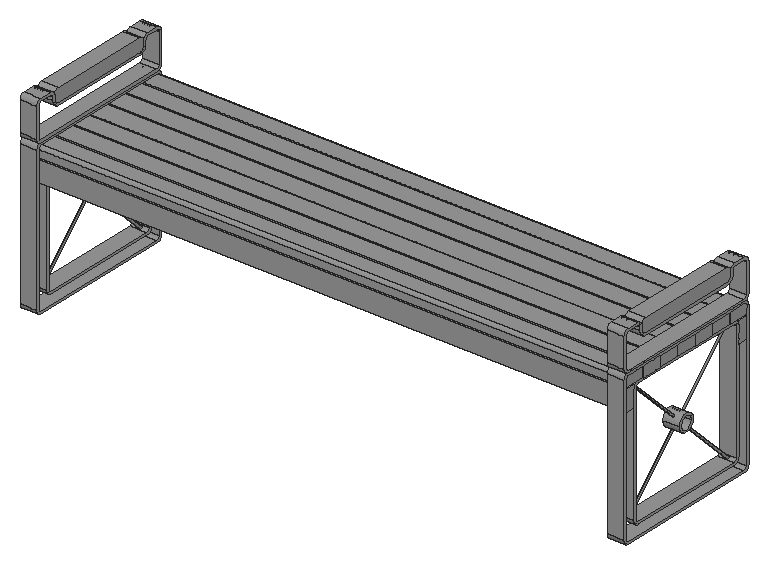
Revit family "Банкетка стальная «София» с подлокотниками Арт 14117", category Антураж, Revit 2018
Family settings
  На основе рабочей плоскости = Нет
  Всегда вертикально = Да
  При загрузке вырезать с полостями = Нет
  Источник визуального образа = Геометрия семейства
  Общий = Нет
  Точка расчета площади = Нет
Parameters (values of type "Версия 1,8 м")
  Ширина = 462 mm  # constant formula
  Цвет лавки = Дерево
  Цвет опор = Сталь
  Средняя опора = [Версия 2,0 м]  # no
  Описание = if([Версия 1,5 м], "Банкетка стальная «София» с подлокотниками. Версия 1,5 м", if([Версия 1,8 м], "Банкетка стальная «София» с подлокотниками. Версия 1,8 м", "Банкетка стальная «София» с подлокотниками. Версия 2,0 м (три опоры)"))  # "Банкетка стальная «София» с подлокотниками. Версия 1,8 м"
  Материал изделия = "Сталь, дерево"  # constant formula
  Изображение типоразмера = Банкетка стальная «София» с подлокотниками Арт 14117 две опоры.jpg
  Изготовитель = "ООО «Хоббика»"  # constant formula
  Длина = if([Версия 1,5 м], 1500 mm, if([Версия 1,8 м], 1800 mm, 2000 mm))  # 1800 mm
  Группа модели = "Садовые скамейки"  # constant formula
  Высота = 575 mm  # constant formula
  Версия 2,0 м = not(or([Версия 1,5 м], [Версия 1,8 м]))  # no
  Версия 1,8 м = yes
  Версия 1,5 м = no
  Артикул товара = "Арт. 14117"  # constant formula
  URL = "https://hobbyka.ru/product/banketka_stalnaya_sofiya/"
Types (4, lengths in mm): name | Средняя опора | Описание | Изображение типоразмера | Длина | Версия 2,0 м | Версия 1,8 м | Версия 1,5 м | URL
  (no name) | no | "Банкетка стальная «София» с подлокотниками. Версия 1,8 м" | Банкетка стальная «София» с подлокотниками Арт 14117 две опоры.jpg | 1800 | no | yes | no | "https://hobbyka.ru/product/banketka_stalnaya_sofiya/"
  Версия 2,0 м | yes | "Банкетка стальная «София» с подлокотниками. Версия 2,0 м (три опоры)" | Банкетка стальная «София» с подлокотниками Арт 14117 три опоры.jpg | 2000 | yes | no | no | "https://hobbyka.ru/product/banketka_stalnaya_sofiya/"
  Версия 1,8 м | no | "Банкетка стальная «София» с подлокотниками. Версия 1,8 м" | Банкетка стальная «София» с подлокотниками Арт 14117 две опоры.jpg | 1800 | no | yes | no | "https://hobbyka.ru/product/banketka_stalnaya_sofiya/"
  Версия 1,5 м | no | "Банкетка стальная «София» с подлокотниками. Версия 1,5 м" | Банкетка стальная «София» с подлокотниками Арт 14117 две опоры.jpg | 1500 | no | no | yes | "https://hobbyka.ru/product/banketka_stalnaya_sofiya_s_podlokotnikami/"
Reference planes
  plane 1 "По центру (Вперед/Назад)": y = 0
  plane 2: z = 0
  plane 3 "По центру (Влево/Вправо)": x = 0
  plane 4: x = 1800
  plane 5: x = 1750
  plane 6: x = 50
  plane 7: y = 462
  plane 8: x = 25
  plane 9: x = 1775
  plane 10: z = 575
  plane 11: x = 900
  plane 12: x = 875
  plane 13: x = 925
Forms (mm)
  Extrusion 1, solid, material "Сталь" <- "Цвет опор"
    sketch origin (0, 0, 0) x (0, 1, 0) y (0, 0, 1)
      loop
        line (447, 457) -> (15, 457)
        arc (15, 457) -> (4.393, 452.607) -> (0, 442) r 15
        line (0, 442) -> (0, 15)
        arc (0, 15) -> (4.393, 4.393) -> (15, 0) r 15
        line (15, 0) -> (447, 0)
        arc (447, 0) -> (457.607, 4.393) -> (462, 15) r 15
        line (462, 15) -> (462, 442)
        arc (462, 442) -> (457.607, 452.607) -> (447, 457) r 15
      loop
        line (447, 451) -> (15, 451)
        arc (15, 451) -> (8.636, 448.364) -> (6, 442) r 9
        line (6, 442) -> (6, 15)
        arc (6, 15) -> (8.636, 8.636) -> (15, 6) r 9
        line (15, 6) -> (447, 6)
        arc (447, 6) -> (453.364, 8.636) -> (456, 15) r 9
        line (456, 15) -> (456, 442)
        arc (456, 442) -> (453.364, 448.364) -> (447, 451) r 9
      loop
        line (410, 420) -> (52, 420)
        arc (52, 420) -> (41.393, 415.607) -> (37, 405) r 15
        line (37, 405) -> (37, 52)
        arc (37, 52) -> (41.393, 41.393) -> (52, 37) r 15
        line (52, 37) -> (410, 37)
        arc (410, 37) -> (420.607, 41.393) -> (425, 52) r 15
        line (425, 52) -> (425, 405)
        arc (425, 405) -> (420.607, 415.607) -> (410, 420) r 15
      loop
        line (410, 414) -> (52, 414)
        arc (52, 414) -> (45.636, 411.364) -> (43, 405) r 9
        line (43, 405) -> (43, 52)
        arc (43, 52) -> (45.636, 45.636) -> (52, 43) r 9
        line (52, 43) -> (410, 43)
        arc (410, 43) -> (416.364, 45.636) -> (419, 52) r 9
        line (419, 52) -> (419, 405)
        arc (419, 405) -> (416.364, 411.364) -> (410, 414) r 9
      loop
        circle (231, 228.326) r 25
      loop
        circle (231, 228.326) r 20
    from 0 to 50
  Extrusion 2, solid, material "Сталь" <- "Цвет опор"
    sketch origin (0, 0, 0) x (0, 1, 0) y (0, 0, 1)
      loop
        line (447, 457) -> (15, 457)
        arc (15, 457) -> (4.393, 452.607) -> (0, 442) r 15
        line (0, 442) -> (0, 15)
        arc (0, 15) -> (4.393, 4.393) -> (15, 0) r 15
        line (15, 0) -> (447, 0)
        arc (447, 0) -> (457.607, 4.393) -> (462, 15) r 15
        line (462, 15) -> (462, 442)
        arc (462, 442) -> (457.607, 452.607) -> (447, 457) r 15
      loop
        line (447, 451) -> (15, 451)
        arc (15, 451) -> (8.636, 448.364) -> (6, 442) r 9
        line (6, 442) -> (6, 15)
        arc (6, 15) -> (8.636, 8.636) -> (15, 6) r 9
        line (15, 6) -> (447, 6)
        arc (447, 6) -> (453.364, 8.636) -> (456, 15) r 9
        line (456, 15) -> (456, 442)
        arc (456, 442) -> (453.364, 448.364) -> (447, 451) r 9
      loop
        line (410, 420) -> (52, 420)
        arc (52, 420) -> (41.393, 415.607) -> (37, 405) r 15
        line (37, 405) -> (37, 52)
        arc (37, 52) -> (41.393, 41.393) -> (52, 37) r 15
        line (52, 37) -> (410, 37)
        arc (410, 37) -> (420.607, 41.393) -> (425, 52) r 15
        line (425, 52) -> (425, 405)
        arc (425, 405) -> (420.607, 415.607) -> (410, 420) r 15
      loop
        line (410, 414) -> (52, 414)
        arc (52, 414) -> (45.636, 411.364) -> (43, 405) r 9
        line (43, 405) -> (43, 52)
        arc (43, 52) -> (45.636, 45.636) -> (52, 43) r 9
        line (52, 43) -> (410, 43)
        arc (410, 43) -> (416.364, 45.636) -> (419, 52) r 9
        line (419, 52) -> (419, 405)
        arc (419, 405) -> (416.364, 411.364) -> (410, 414) r 9
      loop
        circle (231, 228.326) r 25
      loop
        circle (231, 228.326) r 20
    from 1750 to 1800
  Sweep 3, solid, material "Сталь" <- "Цвет опор"
    path origin (0, 0, 0) x (0, 1, 0) y (0, 0, 1)
      loop
        line (45.892, 411.61) -> (213.427, 246.108)
    profile origin (0, 129.66, 328.859) x (0, 0.702774, 0.711413) y (1, 0, 0)
      loop
        circle (0, 25) r 2.5
  Sweep 4, solid, material "Сталь" <- "Цвет опор"
    path origin (0, 2.674, 459.326) x (0, 0, -1) y (0, 1, 0)
      loop
        line (47.962, 413.69) -> (213.355, 246.036)
    profile origin (0, 332.537, 328.668) x (0, 0.70229, -0.711891) y (1, 0, 0)
      loop
        circle (0, 25) r 2.5
  Sweep 5, solid, material "Сталь" <- "Цвет опор"
    path origin (0, 0, 456.652) x (0, 1, 0) y (0, 0, -1)
      loop
        line (45.892, 411.61) -> (213.427, 246.108)
    profile origin (0, 129.66, 127.793) x (0, -0.702774, 0.711413) y (1, 0, 0)
      loop
        circle (0, 25) r 2.5
  Sweep 6, solid, material "Сталь" <- "Цвет опор"
    path origin (0, 2.674, -2.674) x (0, 0, 1) y (0, -1, 0)
      loop
        line (47.962, -413.69) -> (213.355, -246.036)
    profile origin (0, 332.537, 127.985) x (0, -0.70229, -0.711891) y (1, 0, 0)
      loop
        circle (0, 25) r 2.5
  Sweep 7, solid, material "Сталь" <- "Цвет опор"
    path origin (1750, 974.988, 1200) x (0, 1, 0) y (0, 0, 1)
      loop
        line (-929.097, -788.39) -> (-761.561, -953.892)
    profile origin (1750, 129.66, 328.859) x (0, 0.702774, 0.711413) y (1, 0, 0)
      loop
        circle (0, 25) r 2.5
  Sweep 8, solid, material "Сталь" <- "Цвет опор"
    path origin (1750, 974.988, 1200) x (0, 1, 0) y (0, 0, 1)
      loop
        line (-558.625, -788.636) -> (-726.278, -954.029)
    profile origin (1750, 332.537, 328.668) x (0, 0.70229, -0.711891) y (1, 0, 0)
      loop
        circle (0, 25) r 2.5
  Sweep 9, solid, material "Сталь" <- "Цвет опор"
    path origin (1750, 974.988, 1200) x (0, 1, 0) y (0, 0, 1)
      loop
        line (-929.097, -1154.957) -> (-761.561, -989.456)
    profile origin (1750, 129.66, 127.793) x (0, -0.702774, 0.711413) y (1, 0, 0)
      loop
        circle (0, 25) r 2.5
  Sweep 10, solid, material "Сталь" <- "Цвет опор"
    path origin (1750, 974.988, 1200) x (0, 1, 0) y (0, 0, 1)
      loop
        line (-558.625, -1154.712) -> (-726.278, -989.319)
    profile origin (1750, 332.537, 127.985) x (0, -0.70229, -0.711891) y (1, 0, 0)
      loop
        circle (0, 25) r 2.5
  Extrusion 11, solid, material "Дерево" <- "Цвет лавки"
    sketch origin (0, 0, 0) x (0, 1, 0) y (0, 0, 1)
      loop
        line (396, 420) -> (456, 420) -> (456, 442)
        arc (456, 442) -> (453.364, 448.364) -> (447, 451) r 9
        line (447, 451) -> (396, 451) -> (396, 420)
      loop
        line (391, 451) -> (331, 451) -> (331, 420) -> (391, 420) -> (391, 451)
      loop
        line (326, 451) -> (266, 451) -> (266, 420) -> (326, 420) -> (326, 451)
      loop
        line (261, 451) -> (201, 451) -> (201, 420) -> (261, 420) -> (261, 451)
      loop
        line (196, 451) -> (136, 451) -> (136, 420) -> (196, 420) -> (196, 451)
      loop
        line (131, 451) -> (71, 451) -> (71, 420) -> (131, 420) -> (131, 451)
      loop
        line (66, 420) -> (66, 451) -> (15, 451)
        arc (15, 451) -> (8.636, 448.364) -> (6, 442) r 9
        line (6, 442) -> (6, 420) -> (66, 420)
      loop
        line (37, 415) -> (6, 415) -> (6, 355) -> (37, 355) -> (37, 415)
      loop
        line (456, 415) -> (425, 415) -> (425, 355) -> (456, 355) -> (456, 415)
    from 0 to 1800
  Extrusion 12, solid, material "Сталь" <- "Цвет опор"
    sketch origin (0, 0, 0) x (0, 1, 0) y (0, 0, 1)
      loop
        arc (15, 575) -> (4.393, 570.607) -> (0, 560) r 15
        line (0, 560) -> (0, 472)
        arc (0, 472) -> (4.393, 461.393) -> (15, 457) r 15
        line (15, 457) -> (447, 457)
        arc (447, 457) -> (457.607, 461.393) -> (462, 472) r 15
        line (462, 472) -> (462, 560)
        arc (462, 560) -> (457.607, 570.607) -> (447, 575) r 15
        line (447, 575) -> (412, 575)
        arc (412, 575) -> (401.393, 570.607) -> (397, 560) r 15
        line (397, 560) -> (397, 550)
        arc (397, 550) -> (392.607, 539.393) -> (382, 535) r 15
        line (382, 535) -> (80, 535)
        arc (80, 535) -> (69.393, 539.393) -> (65, 550) r 15
        line (65, 550) -> (65, 560)
        arc (65, 560) -> (60.607, 570.607) -> (50, 575) r 15
        line (50, 575) -> (15, 575)
      loop
        arc (412, 569) -> (405.636, 566.364) -> (403, 560) r 9
        line (403, 560) -> (403, 550)
        arc (403, 550) -> (396.849, 535.151) -> (382, 529) r 21
        line (382, 529) -> (80, 529)
        arc (80, 529) -> (65.151, 535.151) -> (59, 550) r 21
        line (59, 550) -> (59, 560)
        arc (59, 560) -> (56.364, 566.364) -> (50, 569) r 9
        line (50, 569) -> (15, 569)
        arc (15, 569) -> (8.636, 566.364) -> (6, 560) r 9
        line (6, 560) -> (6, 472)
        arc (6, 472) -> (8.636, 465.636) -> (15, 463) r 9
        line (15, 463) -> (447, 463)
        arc (447, 463) -> (453.364, 465.636) -> (456, 472) r 9
        line (456, 472) -> (456, 560)
        arc (456, 560) -> (453.364, 566.364) -> (447, 569) r 9
        line (447, 569) -> (412, 569)
    from 0 to 50
  Extrusion 13, solid, material "Дерево" <- "Цвет лавки"
    sketch origin (0, 0, 0) x (0, 1, 0) y (0, 0, 1)
      loop
        arc (80, 575) -> (69.393, 570.607) -> (65, 560) r 15
        line (65, 560) -> (65, 550)
        arc (65, 550) -> (69.393, 539.393) -> (80, 535) r 15
        line (80, 535) -> (382, 535)
        arc (382, 535) -> (392.607, 539.393) -> (397, 550) r 15
        line (397, 550) -> (397, 560)
        arc (397, 560) -> (392.607, 570.607) -> (382, 575) r 15
        line (382, 575) -> (80, 575)
    from 0 to 50
  Extrusion 14, solid, material "Сталь" <- "Цвет опор"
    sketch origin (0, 0, 0) x (0, 1, 0) y (0, 0, 1)
      loop
        arc (15, 575) -> (4.393, 570.607) -> (0, 560) r 15
        line (0, 560) -> (0, 472)
        arc (0, 472) -> (4.393, 461.393) -> (15, 457) r 15
        line (15, 457) -> (447, 457)
        arc (447, 457) -> (457.607, 461.393) -> (462, 472) r 15
        line (462, 472) -> (462, 560)
        arc (462, 560) -> (457.607, 570.607) -> (447, 575) r 15
        line (447, 575) -> (412, 575)
        arc (412, 575) -> (401.393, 570.607) -> (397, 560) r 15
        line (397, 560) -> (397, 550)
        arc (397, 550) -> (392.607, 539.393) -> (382, 535) r 15
        line (382, 535) -> (80, 535)
        arc (80, 535) -> (69.393, 539.393) -> (65, 550) r 15
        line (65, 550) -> (65, 560)
        arc (65, 560) -> (60.607, 570.607) -> (50, 575) r 15
        line (50, 575) -> (15, 575)
      loop
        arc (412, 569) -> (405.636, 566.364) -> (403, 560) r 9
        line (403, 560) -> (403, 550)
        arc (403, 550) -> (396.849, 535.151) -> (382, 529) r 21
        line (382, 529) -> (80, 529)
        arc (80, 529) -> (65.151, 535.151) -> (59, 550) r 21
        line (59, 550) -> (59, 560)
        arc (59, 560) -> (56.364, 566.364) -> (50, 569) r 9
        line (50, 569) -> (15, 569)
        arc (15, 569) -> (8.636, 566.364) -> (6, 560) r 9
        line (6, 560) -> (6, 472)
        arc (6, 472) -> (8.636, 465.636) -> (15, 463) r 9
        line (15, 463) -> (447, 463)
        arc (447, 463) -> (453.364, 465.636) -> (456, 472) r 9
        line (456, 472) -> (456, 560)
        arc (456, 560) -> (453.364, 566.364) -> (447, 569) r 9
        line (447, 569) -> (412, 569)
    from 1750 to 1800
  Extrusion 15, solid, material "Дерево" <- "Цвет лавки"
    sketch origin (0, 0, 0) x (0, 1, 0) y (0, 0, 1)
      loop
        arc (80, 575) -> (69.393, 570.607) -> (65, 560) r 15
        line (65, 560) -> (65, 550)
        arc (65, 550) -> (69.393, 539.393) -> (80, 535) r 15
        line (80, 535) -> (382, 535)
        arc (382, 535) -> (392.607, 539.393) -> (397, 550) r 15
        line (397, 550) -> (397, 560)
        arc (397, 560) -> (392.607, 570.607) -> (382, 575) r 15
        line (382, 575) -> (80, 575)
    from 1750 to 1800
  Extrusion 16, solid, material "Сталь" <- "Цвет опор", visible <- "Средняя опора"
    sketch origin (0, 0, 0) x (0, 1, 0) y (0, 0, 1)
      loop
        line (447, 457) -> (15, 457)
        arc (15, 457) -> (4.393, 452.607) -> (0, 442) r 15
        line (0, 442) -> (0, 15)
        arc (0, 15) -> (4.393, 4.393) -> (15, 0) r 15
        line (15, 0) -> (447, 0)
        arc (447, 0) -> (457.607, 4.393) -> (462, 15) r 15
        line (462, 15) -> (462, 442)
        arc (462, 442) -> (457.607, 452.607) -> (447, 457) r 15
      loop
        line (447, 451) -> (15, 451)
        arc (15, 451) -> (8.636, 448.364) -> (6, 442) r 9
        line (6, 442) -> (6, 15)
        arc (6, 15) -> (8.636, 8.636) -> (15, 6) r 9
        line (15, 6) -> (447, 6)
        arc (447, 6) -> (453.364, 8.636) -> (456, 15) r 9
        line (456, 15) -> (456, 442)
        arc (456, 442) -> (453.364, 448.364) -> (447, 451) r 9
      loop
        line (410, 420) -> (52, 420)
        arc (52, 420) -> (41.393, 415.607) -> (37, 405) r 15
        line (37, 405) -> (37, 52)
        arc (37, 52) -> (41.393, 41.393) -> (52, 37) r 15
        line (52, 37) -> (410, 37)
        arc (410, 37) -> (420.607, 41.393) -> (425, 52) r 15
        line (425, 52) -> (425, 405)
        arc (425, 405) -> (420.607, 415.607) -> (410, 420) r 15
      loop
        line (410, 414) -> (52, 414)
        arc (52, 414) -> (45.636, 411.364) -> (43, 405) r 9
        line (43, 405) -> (43, 52)
        arc (43, 52) -> (45.636, 45.636) -> (52, 43) r 9
        line (52, 43) -> (410, 43)
        arc (410, 43) -> (416.364, 45.636) -> (419, 52) r 9
        line (419, 52) -> (419, 405)
        arc (419, 405) -> (416.364, 411.364) -> (410, 414) r 9
      loop
        circle (231, 228.326) r 25
      loop
        circle (231, 228.326) r 20
    from 875 to 925
  Sweep 17, solid, material "Сталь" <- "Цвет опор", visible <- "Средняя опора"
    path origin (875, 0, 0) x (0, 1, 0) y (0, 0, 1)
      loop
        line (45.892, 411.61) -> (213.427, 246.108)
    profile origin (875, 129.66, 328.859) x (0, 0.702774, 0.711413) y (1, 0, 0)
      loop
        circle (0, 25) r 2.5
  Sweep 18, solid, material "Сталь" <- "Цвет опор", visible <- "Средняя опора"
    path origin (875, 0, 0) x (0, 1, 0) y (0, 0, 1)
      loop
        line (416.364, 411.364) -> (248.71, 245.971)
    profile origin (875, 332.537, 328.668) x (0, 0.70229, -0.711891) y (1, 0, 0)
      loop
        circle (0, 25) r 2.5
  Sweep 19, solid, material "Сталь" <- "Цвет опор", visible <- "Средняя опора"
    path origin (875, 0, 0) x (0, 1, 0) y (0, 0, 1)
      loop
        line (45.892, 45.043) -> (213.427, 210.544)
    profile origin (875, 129.66, 127.793) x (0, -0.702774, 0.711413) y (1, 0, 0)
      loop
        circle (0, 25) r 2.5
  Sweep 20, solid, material "Сталь" <- "Цвет опор", visible <- "Средняя опора"
    path origin (875, 0, 0) x (0, 1, 0) y (0, 0, 1)
      loop
        line (416.364, 45.288) -> (248.71, 210.681)
    profile origin (875, 332.537, 127.985) x (0, -0.70229, -0.711891) y (1, 0, 0)
      loop
        circle (0, 25) r 2.5
Dimensions and locks
  "Ширина": plane 7 to plane 1 "По центру (Вперед/Назад)"
  "Длина": plane 3 "По центру (Влево/Вправо)" to plane 4
  locked: plane 3 "По центру (Влево/Вправо)" to plane 6 at 50
  locked: plane 5 to plane 4 at 50
  equal spacing: plane 3 "По центру (Влево/Вправо)", plane 8, plane 6
  equal spacing: plane 5, plane 9, plane 4
  "Высота": plane 10 to level
  equal spacing: plane 3 "По центру (Влево/Вправо)", plane 11, plane 4
  plane 12 to plane 11 to plane 13 = 25 mm, 25 mm
  aligned and locked: level to plane 2
  aligned and locked: Extrusion 1 to plane 3 "По центру (Влево/Вправо)"
  aligned and locked: plane 6 to Extrusion 1
  aligned and locked: plane 4 to Extrusion 2
  aligned and locked: Extrusion 2 to plane 5
  aligned and locked: Extrusion 11 to plane 3 "По центру (Влево/Вправо)"
  aligned and locked: plane 4 to Extrusion 11
  aligned and locked: plane 6 to Extrusion 13
  aligned and locked: plane 6 to Extrusion 12
  aligned and locked: plane 4 to Extrusion 14
  aligned and locked: Extrusion 14 to plane 5
  aligned and locked: plane 4 to Extrusion 15
  aligned and locked: Extrusion 15 to plane 5
  aligned and locked: plane 13 to Extrusion 16
  aligned and locked: Extrusion 16 to plane 12
Automatic sketch dimensions
  Extrusion 1 sketch curve to Extrusion 1 sketch curve = 0 mm  (x18)
  Extrusion 1 sketch curve to plane 1 "По центру (Вперед/Назад)" = 0 mm
  Extrusion 1 sketch curve to level = 0 mm
  Extrusion 1 sketch curve to plane 7 = 0 mm
  Extrusion 1 sketch curve to plane 1 "По центру (Вперед/Назад)" = 6 mm
  Extrusion 1 sketch curve to plane 1 "По центру (Вперед/Назад)" = 15 mm
  Extrusion 1 sketch curve to Extrusion 1 sketch curve = 9 mm  (x6)
  Extrusion 1 sketch curve to plane 1 "По центру (Вперед/Назад)" = 37 mm
  Extrusion 1 sketch curve to Extrusion 1 sketch curve = 6 mm
  Extrusion 1 sketch curve to plane 1 "По центру (Вперед/Назад)" = 231 mm
  Extrusion 1 sketch curve to plane 7 = 52 mm
  Extrusion 1 sketch curve to Extrusion 1 sketch curve = 46 mm
  level to Extrusion 1 sketch curve = 37 mm
  level to Extrusion 1 sketch curve = 228.326 mm
  Extrusion 1 sketch curve to plane 10 = 170 mm
  Extrusion 1 sketch curve to Extrusion 1 sketch curve = 37 mm
  Extrusion 2 sketch curve to Extrusion 2 sketch curve = 0 mm  (x28)
  Extrusion 2 sketch curve to plane 1 "По центру (Вперед/Назад)" = 0 mm
  Extrusion 2 sketch curve to level = 0 mm
  Extrusion 2 sketch curve to plane 7 = 0 mm
  Extrusion 2 sketch curve to plane 1 "По центру (Вперед/Назад)" = 6 mm
  Extrusion 2 sketch curve to Extrusion 2 sketch curve = 9 mm  (x7)
  Extrusion 2 sketch curve to plane 1 "По центру (Вперед/Назад)" = 37 mm
  Extrusion 2 sketch curve to Extrusion 2 sketch curve = 6 mm
  Extrusion 2 sketch curve to plane 1 "По центру (Вперед/Назад)" = 231 mm
  Extrusion 2 sketch curve to plane 7 = 52 mm
  Extrusion 2 sketch curve to Extrusion 2 sketch curve = 46 mm
  level to Extrusion 2 sketch curve = 37 mm
  level to Extrusion 2 sketch curve = 228.326 mm
  Extrusion 2 sketch curve to plane 10 = 170 mm
  Extrusion 2 sketch curve to Extrusion 2 sketch curve = 37 mm
  Extrusion 2 sketch curve to Extrusion 2 sketch curve = 25 mm
  Extrusion 2 sketch curve to Extrusion 2 sketch curve = 5 mm
  Sweep 3 sketch curve to plane 1 "По центру (Вперед/Назад)" = 45.892 mm
  level to Sweep 3 sketch curve = 246.108 mm
  Sweep 3 sketch curve to plane 1 "По центру (Вперед/Назад)" = 213.427 mm
  Sweep 3 sketch curve to plane 10 = 163.39 mm
  Sweep 3 sketch curve to profile plane = 0 mm
  plane 3 "По центру (Влево/Вправо)" to Sweep 3 sketch curve = 25 mm
  Sweep 4 sketch curve to plane 7 = 45.636 mm
  Sweep 4 sketch curve to plane 10 = 163.636 mm
  Sweep 4 sketch curve to Sweep 4 sketch curve = 165.393 mm
  Sweep 4 sketch curve to plane 7 = 213.29 mm
  Sweep 4 sketch curve to profile plane = 0 mm
  profile plane to Sweep 4 sketch curve = 25 mm
  plane 1 "По центру (Вперед/Назад)" to Sweep 5 sketch curve = 45.892 mm
  Sweep 5 sketch curve to level = 210.544 mm
  plane 1 "По центру (Вперед/Назад)" to Sweep 5 sketch curve = 213.427 mm
  Sweep 5 sketch curve to level = 45.043 mm
  Sweep 5 sketch curve to profile plane = 0 mm
  plane 3 "По центру (Влево/Вправо)" to Sweep 5 sketch curve = 25 mm
  level to Sweep 6 sketch curve = 45.288 mm
  Sweep 6 sketch curve to plane 7 = 45.636 mm
  level to Sweep 6 sketch curve = 210.681 mm
  Sweep 6 sketch curve to plane 7 = 213.29 mm
  Sweep 6 sketch curve to profile plane = 0 mm
  profile plane to Sweep 6 sketch curve = 25 mm
  Sweep 7 sketch curve to plane 1 "По центру (Вперед/Назад)" = 45.892 mm
  level to Sweep 7 sketch curve = 246.108 mm
  Sweep 7 sketch curve to plane 1 "По центру (Вперед/Назад)" = 213.427 mm
  Sweep 7 sketch curve to plane 10 = 163.39 mm
  Sweep 7 sketch curve to profile plane = 0 mm
  plane 5 to Sweep 7 sketch curve = 25 mm
  Sweep 8 sketch curve to plane 7 = 213.29 mm
  level to Sweep 8 sketch curve = 245.971 mm
  Sweep 8 sketch curve to plane 7 = 45.636 mm
  Sweep 8 sketch curve to plane 10 = 163.636 mm
  Sweep 8 sketch curve to profile plane = 0 mm
  plane 5 to Sweep 8 sketch curve = 25 mm
  Sweep 9 sketch curve to plane 1 "По центру (Вперед/Назад)" = 45.892 mm
  level to Sweep 9 sketch curve = 45.043 mm
  Sweep 9 sketch curve to plane 1 "По центру (Вперед/Назад)" = 213.427 mm
  level to Sweep 9 sketch curve = 210.544 mm
  Sweep 9 sketch curve to profile plane = 0 mm
  plane 5 to Sweep 9 sketch curve = 25 mm
  Sweep 10 sketch curve to plane 7 = 213.29 mm
  level to Sweep 10 sketch curve = 45.288 mm
  Sweep 10 sketch curve to plane 7 = 45.636 mm
  level to Sweep 10 sketch curve = 210.681 mm
  Sweep 10 sketch curve to profile plane = 0 mm
  plane 5 to Sweep 10 sketch curve = 25 mm
  Extrusion 11 sketch curve to plane 1 "По центру (Вперед/Назад)" = 6 mm  (x2)
  Extrusion 11 sketch curve to Extrusion 11 sketch curve = 9 mm
  Extrusion 11 sketch curve to Extrusion 11 sketch curve = 31 mm  (x2)
  Extrusion 11 sketch curve to Extrusion 11 sketch curve = 29 mm
  Extrusion 11 sketch curve to Extrusion 11 sketch curve = 5 mm  (x9)
  Extrusion 11 sketch curve to Extrusion 11 sketch curve = 60 mm  (x7)
  Extrusion 11 sketch curve to plane 7 = 37 mm
  Extrusion 11 sketch curve to plane 7 = 15 mm
  Extrusion 11 sketch curve to plane 7 = 6 mm  (x2)
  Extrusion 11 sketch curve to plane 10 = 220 mm  (x2)
  Extrusion 11 sketch curve to Extrusion 11 sketch curve = 0 mm  (x8)
  Extrusion 11 sketch curve to Extrusion 11 sketch curve = 22 mm  (x2)
  Extrusion 12 sketch curve to Extrusion 12 sketch curve = 0 mm  (x16)
  Extrusion 12 sketch curve to plane 1 "По центру (Вперед/Назад)" = 0 mm
  Extrusion 12 sketch curve to plane 10 = 0 mm  (x2)
  Extrusion 12 sketch curve to plane 7 = 0 mm
  Extrusion 12 sketch curve to Extrusion 12 sketch curve = 6 mm
  Extrusion 12 sketch curve to Extrusion 12 sketch curve = 9 mm  (x4)
  Extrusion 12 sketch curve to plane 1 "По центру (Вперед/Назад)" = 15 mm
  Extrusion 12 sketch curve to plane 10 = 15 mm
  Extrusion 12 sketch curve to Extrusion 12 sketch curve = 35 mm
  Extrusion 12 sketch curve to Extrusion 12 sketch curve = 15 mm  (x2)
  Extrusion 12 sketch curve to Extrusion 12 sketch curve = 74 mm
  Extrusion 12 sketch curve to Extrusion 12 sketch curve = 10 mm
  Extrusion 12 sketch curve to Extrusion 12 sketch curve = 57 mm
  Extrusion 13 sketch curve to plane 10 = 0 mm
  Extrusion 13 sketch curve to plane 1 "По центру (Вперед/Назад)" = 65 mm
  Extrusion 13 sketch curve to Extrusion 13 sketch curve = 15 mm
  Extrusion 13 sketch curve to Extrusion 13 sketch curve = 0 mm  (x2)
  Extrusion 13 sketch curve to plane 10 = 15 mm
  Extrusion 13 sketch curve to plane 7 = 80 mm
  Extrusion 13 sketch curve to Extrusion 13 sketch curve = 10 mm
  Extrusion 14 sketch curve to Extrusion 14 sketch curve = 0 mm  (x16)
  Extrusion 14 sketch curve to plane 1 "По центру (Вперед/Назад)" = 0 mm
  Extrusion 14 sketch curve to plane 10 = 0 mm  (x2)
  Extrusion 14 sketch curve to plane 7 = 0 mm
  Extrusion 14 sketch curve to Extrusion 14 sketch curve = 6 mm
  Extrusion 14 sketch curve to Extrusion 14 sketch curve = 9 mm  (x4)
  Extrusion 14 sketch curve to plane 1 "По центру (Вперед/Назад)" = 15 mm
  Extrusion 14 sketch curve to plane 10 = 15 mm
  Extrusion 14 sketch curve to Extrusion 14 sketch curve = 35 mm
  Extrusion 14 sketch curve to Extrusion 14 sketch curve = 15 mm  (x2)
  Extrusion 14 sketch curve to Extrusion 14 sketch curve = 74 mm
  Extrusion 14 sketch curve to Extrusion 14 sketch curve = 10 mm
  Extrusion 14 sketch curve to Extrusion 14 sketch curve = 57 mm
  Extrusion 15 sketch curve to plane 10 = 0 mm
  Extrusion 15 sketch curve to plane 1 "По центру (Вперед/Назад)" = 65 mm
  Extrusion 15 sketch curve to Extrusion 15 sketch curve = 15 mm
  Extrusion 15 sketch curve to Extrusion 15 sketch curve = 0 mm  (x2)
  Extrusion 15 sketch curve to plane 10 = 15 mm
  Extrusion 15 sketch curve to plane 7 = 80 mm
  Extrusion 15 sketch curve to Extrusion 15 sketch curve = 10 mm
  Extrusion 16 sketch curve to Extrusion 16 sketch curve = 0 mm  (x18)
  Extrusion 16 sketch curve to plane 1 "По центру (Вперед/Назад)" = 0 mm
  Extrusion 16 sketch curve to level = 0 mm
  Extrusion 16 sketch curve to plane 7 = 0 mm
  Extrusion 16 sketch curve to plane 1 "По центру (Вперед/Назад)" = 6 mm
  Extrusion 16 sketch curve to plane 1 "По центру (Вперед/Назад)" = 15 mm
  Extrusion 16 sketch curve to Extrusion 16 sketch curve = 9 mm  (x6)
  Extrusion 16 sketch curve to plane 1 "По центру (Вперед/Назад)" = 37 mm
  Extrusion 16 sketch curve to Extrusion 16 sketch curve = 6 mm
  Extrusion 16 sketch curve to plane 1 "По центру (Вперед/Назад)" = 231 mm
  Extrusion 16 sketch curve to plane 7 = 52 mm
  Extrusion 16 sketch curve to Extrusion 16 sketch curve = 46 mm
  level to Extrusion 16 sketch curve = 37 mm
  level to Extrusion 16 sketch curve = 228.326 mm
  Extrusion 16 sketch curve to plane 10 = 170 mm
  Extrusion 16 sketch curve to Extrusion 16 sketch curve = 37 mm
  Sweep 17 sketch curve to profile plane = 0 mm
  profile plane to Sweep 17 sketch curve = 25 mm
  Sweep 18 sketch curve to profile plane = 0 mm
  profile plane to Sweep 18 sketch curve = 25 mm
  Sweep 19 sketch curve to profile plane = 0 mm
  profile plane to Sweep 19 sketch curve = 25 mm
  Sweep 20 sketch curve to profile plane = 0 mm
  profile plane to Sweep 20 sketch curve = 25 mm
  Sweep 19 sketch curve to Extrusion 16 = 2.892 mm
  Sweep 19 sketch curve to Extrusion 16 = 2.043 mm
  Sweep 19 sketch curve to Extrusion 16 = 170.427 mm
  Sweep 19 sketch curve to Extrusion 16 = 167.544 mm
  Sweep 17 sketch curve to Extrusion 16 = 2.892 mm
  Sweep 17 sketch curve to Extrusion 16 = 167.892 mm
  Sweep 17 sketch curve to Extrusion 16 = 170.427 mm
  Sweep 17 sketch curve to Extrusion 16 = 2.39 mm
  Sweep 18 sketch curve to Extrusion 16 = 170.29 mm
  Sweep 18 sketch curve to Extrusion 16 = 168.029 mm
  Sweep 18 sketch curve to Extrusion 16 = 2.636 mm  (x2)
  Sweep 20 sketch curve to Extrusion 16 = 170.29 mm
  Sweep 20 sketch curve to Extrusion 16 = 2.288 mm
  Sweep 20 sketch curve to Extrusion 16 = 2.636 mm
  Sweep 20 sketch curve to Extrusion 16 = 167.681 mm
  radius of Extrusion 1 sketch curve = 25 mm
  radius of Extrusion 1 sketch curve = 20 mm
  radius of Sweep 3 sketch curve = 2.5 mm
  radius of Sweep 4 sketch curve = 2.5 mm
  radius of Sweep 5 sketch curve = 2.5 mm
  radius of Sweep 6 sketch curve = 2.5 mm
  radius of Sweep 7 sketch curve = 2.5 mm
  radius of Sweep 8 sketch curve = 2.5 mm
  radius of Sweep 9 sketch curve = 2.5 mm
  radius of Sweep 10 sketch curve = 2.5 mm
  radius of Extrusion 16 sketch curve = 25 mm
  radius of Extrusion 16 sketch curve = 20 mm
  radius of Sweep 17 sketch curve = 2.5 mm
  radius of Sweep 18 sketch curve = 2.5 mm
  radius of Sweep 19 sketch curve = 2.5 mm
  radius of Sweep 20 sketch curve = 2.5 mm
